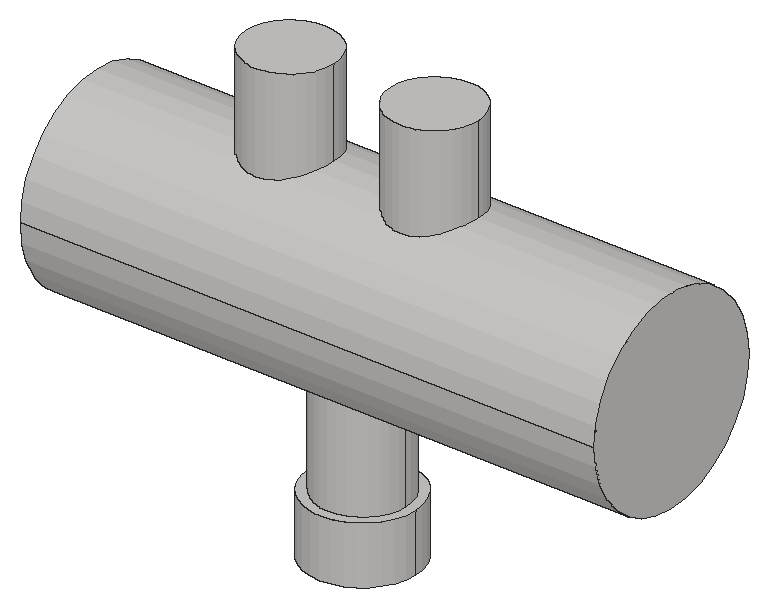
Revit family "PRD_FrankeWS_ThrmsticMxngVlvs_ThermostaticMixingValve_PURE0031", category Pipe Accessories, Revit 2018
Family settings
  Round Connector Dimension = Use Diameter
  Part Type = Valve - Breaks Into
  OmniClass Number = 23.65.55.14.24
  OmniClass Title = Mixing Valves for Liquid Services
  Work Plane-Based = No
  Always vertical = No
  Cut with Voids When Loaded = No
  Shared = No
Parameters (values of type "PURE0031")
  WorkingPressure = "n/a"
  WarrantyStartDate [instance] = "1900-12-31T23:59:59"
  WarrantyGuarantorParts = "n/a"
  WarrantyGuarantorLabor = "n/a"
  WarrantyDurationUnit = "year"
  WarrantyDurationParts = "n/a"
  WarrantyDurationLabor = "n/a"
  WarrantyDescription = "n/a"
  Version = "1"
  ValvePattern = "STRAIGHT_2_PORT"
  ValveOperation = "Other"
  ValveMechanism = "Other"
  ValveMaterial = PRD_AR_StainlessSteel_SatinFinished
  Uniclass2015Version = "Products v1.7"
  Uniclass2015Title = "Thermostatic mixing valves"
  Uniclass2015Code = "Pr_65_54_95_88"
  URL = "www.kwc.com"
  TestPressure = 0.0 Pa
  TagNumber [instance] = "n/a"
  SustainabilityPerformance = "n/a"
  Size = "DN10, 3-8inch"
  Shape = "n/a"
  SerialNumber [instance] = "n/a"
  Revision = "n/a"
  ReplacementCost = "n/a"
  ProductInformation = "https://pim.kwc.com/product/2030012758/attachment/datasheet?locale=en"
  OutletSize = 10.000 mm
  OperatingMechanismMaterial = "n/a"
  NominalWidth = 0 mm
  NominalLength = 0 mm
  NominalHeight = 0 mm
  NetWeight = 0.71 kg
  Name = "Thermostatic mixing valve PURE0031"
  NBSTypeID = "n/a"
  NBSReference = "90-10-90/370"
  NBSOfficeMasterTag = "n/a"
  NBSNote = "n/a"
  NBSDescription = "Thermostatic mixing valves"
  NBSCertification = "n/a"
  ModelReference = "PURE0031"
  ModelNumber = "2030012758"
  Model = ModelReference  # "PURE0031"
  Material = "n/a"
  ManufacturerURL = "www.kwc.com"
  ManufacturerName = "KWC Group AG"  # constant formula
  Manufacturer = ManufacturerName  # "KWC Group AG"
  InstallationDate [instance] = "1900-12-31T23:59:59"
  InletSize = 10.000 mm
  IfcExportType = "NOTDEFINED"
  IfcExportAs = "IfcValveType"
  GrossWeight = 0.75 kg
  Grade = "n/a"
  FlowHotWater [instance] = 0.0 L/s
  FlowColdWater [instance] = 0.0 L/s
  FlowCoefficient = 0
  Flow [instance] = 0.0 L/s
  Finish = "n/a"
  Features = "n/a"
  ExpectedLife = "n/a"
  DurationUnit = "year"
  Description = "PURETHERM thermostatic mixing valve, DN 10 to be used as anti-scalding protection safety device for washbasin taps in case cold water supply fails. Outlets G 3/8 B and union nut G 3/8 for connection to the elbow valve underneath washbasins. With facilities for performing manual thermal disinfection. Installation kit for PURETHERM thermostatic mixing valve has to be ordered separately."
  CreateOn = "11/2018"  # constant formula
  Constituents = "n/a"
  Connections = 20.000 mm
  Color = "n/a"
  CodePerformance = "n/a"
  CloseOffRating = 0.0 Pa
  Category = "Pr_65_54_95_88, Thermostatic mixing valves"
  BodyMaterial = "n/a"
  BarCode [instance] = "n/a"
  BIMObjectName = "PRD_AR_ThermostaticMixingValves_PURE0031"
  Author = "Archispace"  # constant formula
  AssetType = "Fixed"
  AssetIdentifier [instance] = "n/a"
  AccessibilityPerformance = "n/a"
Reference planes
  plane 1 "Center (Front/Back)": y = 0
  plane 2: z = 0
  plane 3 "Center (Left/Right)": x = 0
  plane 4: z = 38
  plane 5: z = -51
  plane 6: x = -55
  plane 7: x = 64
Forms (mm)
  Extrusion 1, solid, material "PRD_AR_StainlessSteel_SatinFinished" <- "ValveMaterial", detail levels fine
    sketch origin (0, 0, 0) x (0, 1, 0) y (0, 0, 1)
      loop
        circle (0, 0) r 20
    from -55 to 64
  Extrusion 2, solid, material "PRD_AR_StainlessSteel_SatinFinished" <- "ValveMaterial", detail levels fine
    sketch origin (0, 0, 0) x (1, 0, 0) y (0, 1, 0)
      loop
        circle (-15, 0) r 9
      loop
        circle (15, 0) r 9
    from 0 to 38
  Extrusion 3, solid, material "PRD_AR_StainlessSteel_SatinFinished" <- "ValveMaterial", detail levels fine
    sketch origin (0, 0, 0) x (1, 0, 0) y (0, 1, 0)
      loop
        circle (0, 0) r 9
    from -39 to 0
  Extrusion 4, solid, material "PRD_AR_StainlessSteel_SatinFinished" <- "ValveMaterial", detail levels fine
    sketch origin (0, 0, 0) x (1, 0, 0) y (0, 1, 0)
      loop
        circle (0, 0) r 11
    from -51 to -39
Cuts and joins
  joined: Extrusion 1, Extrusion 2, Extrusion 3
Dimensions and locks
  plane 4 to level = 38 mm
  level to plane 5 = 51 mm
  plane 3 "Center (Left/Right)" to plane 6 = 55 mm
  plane 7 to plane 3 "Center (Left/Right)" = 64 mm
  aligned and locked: level to plane 2
Nested families
  nested 1: "symbol" at (0, 0, 0), type "symbol", detail levels coarse+medium
  nested 2: "symbol" at (0, 0, 0) x (1, 0, 0) z (0, -1, 0), type "symbol", detail levels coarse+medium
Connectors
  piping at (-15, 0, 38), diameter 10, driven by "OutletSize", driven by "Flow"
    settings: on cut or joined group of Extrusion 1, Extrusion 2, Extrusion 3, index 1, connector inside diameter 609.600 mm, connector length 0 mm, flow factor 0, pipe flow 0.0 L/s, pressure drop 0.0 Pa, fitting loss kfactor 0, connector angle 0.00°, fixture units 0, engagement length 0 mm, angle of deflection 0.00°, flow configuration 2, flow direction 2, fitting loss method 0, system type 7, joint type 0, gender type 0, connector reference index -1, connector utility 0, adjustable connector no, is connector primary yes, connector description ""
  piping at (15, 0, 38), diameter 10, driven by "InletSize", driven by "FlowColdWater"
    settings: on cut or joined group of Extrusion 1, Extrusion 2, Extrusion 3, index 2, connector inside diameter 609.600 mm, connector length 0 mm, flow factor 0, pipe flow 0.0 L/s, pressure drop 0.0 Pa, fitting loss kfactor 0, connector angle 0.00°, fixture units 0, engagement length 0 mm, angle of deflection 0.00°, flow configuration 2, flow direction 1, fitting loss method 0, system type 20, joint type 0, gender type 0, connector reference index -1, connector utility 0, adjustable connector no, is connector primary no, connector description ""
  piping at (0, 0, -51), diameter 10, driven by "InletSize", driven by "FlowHotWater"
    settings: on Extrusion 4, index 3, connector inside diameter 609.600 mm, connector length 0 mm, flow factor 0, pipe flow 0.0 L/s, pressure drop 0.0 Pa, fitting loss kfactor 0, connector angle 0.00°, fixture units 0, engagement length 0 mm, angle of deflection 0.00°, flow configuration 2, flow direction 1, fitting loss method 0, system type 19, joint type 0, gender type 0, connector reference index -1, connector utility 0, adjustable connector no, is connector primary no, connector description ""
Definition of nested family "symbol"
  Parameters (values of type "symbol_zaworu")
    długość = 35 mm
    szrokość = 27 mm
    Type Comments = ""
  Reference planes
    plane 1 "Center (Front/Back)": y = 0
    plane 2: z = 0
    plane 3 "Center (Left/Right)": x = 0
    plane 4: x = -17.5
    plane 5: x = 17.5
    plane 6: y = 13.5
    plane 7: y = -13.5
  Lines and regions (mm)
    detail lines, in view "Ref. Level"
      curve 1: line (-17.5, 13.5, 0) -> (-17.5, -13.5, 0)
      curve 2: line (17.5, 13.5, 0) -> (17.5, -13.5, 0)
      curve 3: line (-17.5, -13.5, 0) -> (17.5, 13.5, 0)
      curve 4: line (-17.5, 13.5, 0) -> (17.5, -13.5, 0)
  Dimensions and locks
    equal spacing: plane 4, plane 3 "Center (Left/Right)", plane 5
    equal spacing: plane 6, plane 1 "Center (Front/Back)", plane 7
    "długość": plane 4 to plane 5
    "szrokość": plane 6 to plane 7
    aligned and locked: curve 1 to plane 4
    aligned and locked: curve 2 to plane 5
    aligned and locked: plane 6 to curve 2
    aligned and locked: plane 7 to curve 2
    aligned and locked: plane 6 to curve 1
    aligned and locked: plane 7 to curve 1
